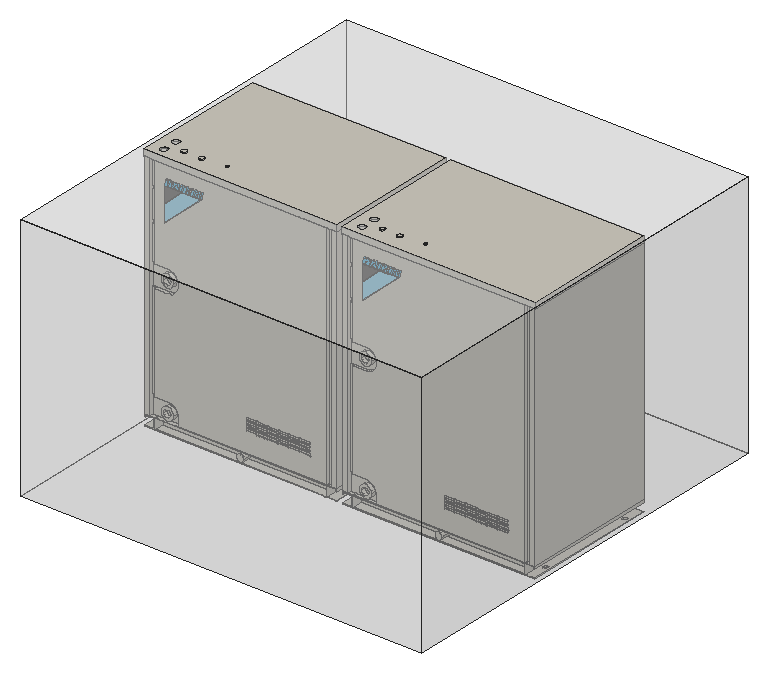
Revit family "outputfile", category 機械設備, Revit 2024 (continued)
Definition of nested family "DAIKIN_outdoorunit_RWEYQ-TYM"
  Definition of nested family "outdoorunit_downpanel"
    Reference planes
      plane 2 "Bottom": z = 0
      plane 3: x = 0
      plane 4 "Back": y = 10
      plane 5 "Front": y = -10
      plane 6: x = 736
      plane 7 "Top": z = 510
      plane 8 "Left": x = 0
      plane 9: z = 255
      plane 10: y = -18
      plane 11: y = 6
      plane 12: y = 8
      plane 13: x = 368
    Forms (mm)
      Extrusion 1, solid, material <- "material"
        sketch origin (0, 0, 0) x (1, 0, 0) y (0, 1, 0)
          loop
            line (0, 10) -> (0, -10) -> (736, -10) -> (736, 10) -> (0, 10)
        from 0 to 510
    Dimensions and locks
      equal spacing: plane 4 "Back", plane 1 "Center (Front/Back)", plane 5 "Front"
      "depth": plane 4 "Back" to plane 5 "Front"
      "width": plane 8 "Left" to plane 6
      "height1": plane 7 "Top" to plane 2 "Bottom"
      plane 4 "Back" to plane 11 = 4.0 mm
      plane 4 "Back" to plane 12 = 2.0 mm
      equal spacing: plane 8 "Left", plane 13, plane 6
      equal spacing: plane 7 "Top", plane 9, plane 2 "Bottom"
      aligned and locked: level to plane 2 "Bottom"
      aligned and locked: plane 8 "Left" to Extrusion 1 sketch curve
      aligned and locked: Extrusion 1 sketch curve to plane 4 "Back"
      aligned and locked: plane 5 "Front" to Extrusion 1 sketch curve
      aligned and locked: Extrusion 1 to plane 2 "Bottom"
      aligned and locked: plane 7 "Top" to Extrusion 1
      aligned and locked: plane 3 to plane 8 "Left"
    Automatic sketch dimensions
      Extrusion 1 sketch curve to plane 6 = 0.0 mm
  Definition of nested family "daikin_mountinghole"
    Parameters (values of type "daikin_mountinghole")
      Default Elevation = 1219.2 mm
      Type Comments = "mountinghole"
      show [instance] = yes
      material = none
      l_centerline = 100.0 mm
      l_antenna [instance] = 100.0 mm
      h_mountinghole [instance] = 0.0 mm
      d_circle = 30.0 mm
      Link_Nested Family [instance] = ""
    Reference planes
      plane 1 "Center (Front/Back)": y = 0
      plane 2: z = 0
      plane 3 "Center (Left/Right)": x = 0
      plane 4: y = 50
      plane 5: x = -50
      plane 6: x = 50
      plane 7: y = -50
      plane 8 "h_mountinghole": z = 0
      plane 9: z = 100
    Lines and regions (mm)
      model lines, detail levels fine
        curve 1: circle (0, 0, 0) r 15 normal (0, 0, 1)
        curve 2: line (-50, 0, 0) -> (50, 0, 0)
        curve 3: line (0, 50, 0) -> (0, -50, 0)
      symbolic lines, detail levels fine
        curve 4: circle (0, 0, 0) r 15 normal (0, 0, 1)
        curve 5: line (-50, 0, 0) -> (50, 0, 0)
        curve 6: line (0, 50, 0) -> (0, -50, 0)
      model lines
        curve 7: line (0, 0, 100) -> (0, 0, 0)
    Dimensions and locks
      equal spacing: plane 4, plane 1 "Center (Front/Back)", plane 7
      "l_centerline": plane 4 to plane 7
      equal spacing: plane 5, plane 3 "Center (Left/Right)", plane 6
      "l_centerline": plane 5 to plane 6
      "l_antenna": plane 9 to plane 8 "h_mountinghole"
      "h_mountinghole": plane 8 "h_mountinghole" to plane 2
      "d_circle": diameter of curve 1
      "d_circle": diameter of curve 4
      aligned and locked: level to plane 2
      aligned and locked: plane 1 "Center (Front/Back)" to curve 1
      aligned and locked: plane 3 "Center (Left/Right)" to curve 1
      aligned and locked: plane 1 "Center (Front/Back)" to curve 2
      aligned and locked: curve 3 to plane 3 "Center (Left/Right)"
      aligned and locked: plane 6 to curve 2
      aligned and locked: plane 5 to curve 2
      aligned and locked: plane 4 to curve 3
      aligned and locked: plane 7 to curve 3
      aligned and locked: plane 1 "Center (Front/Back)" to curve 4
      aligned and locked: plane 3 "Center (Left/Right)" to curve 4
      aligned and locked: plane 6 to curve 5
      aligned and locked: plane 5 to curve 5
      aligned and locked: plane 1 "Center (Front/Back)" to curve 5
      aligned and locked: plane 4 to curve 6
      aligned and locked: plane 7 to curve 6
      aligned and locked: curve 6 to plane 3 "Center (Left/Right)"
      aligned and locked: curve 7 to plane 3 "Center (Left/Right)"
      aligned and locked: plane 9 to curve 7
      aligned and locked: plane 8 "h_mountinghole" to curve 7
Definition of nested family "daikin_clearancespace"
  Parameters (values of type "daikin_clearancespace")
    Description = "daikin_clearancespace"
    width [instance] = 1823.963 mm
    show [instance] = yes
    material = none
    height [instance] = 1359.762 mm
    depth [instance] = 880.0 mm
    Default Elevation = 0.0 mm
    Link_Nested Family [instance] = ""
  Reference planes
    plane 1 "Center (Front/Back)": y = 0
    plane 2 "Center (Elevation)": z = -0.119
    plane 3 "Center (Left/Right)": x = 0
    plane 4: y = 440
    plane 5: y = -440
    plane 6 "Right": x = 911.982
    plane 7 "Left": x = -911.982
    plane 8 "Top": z = 679.762
    plane 9 "Bottom": z = -680
  Forms (mm)
    Extrusion 1, solid, material <- "material", visible <- "show"
      sketch origin (0, 0, 0) x (1, 0, 0) y (0, 1, 0)
        loop
          line (-911.982, 440) -> (-911.982, -440) -> (911.982, -440) -> (911.982, 440) -> (-911.982, 440)
      from -680 to 679.762
  Lines and regions (mm)
    symbolic lines, visible <- "show"
      curve 1: line (911.982, 440, 0) -> (-911.982, 440, 0)
      curve 2: line (-911.982, 440, 0) -> (-911.982, -440, 0)
      curve 3: line (-911.982, -440, 0) -> (911.982, -440, 0)
      curve 4: line (911.982, -440, 0) -> (911.982, 440, 0)
      curve 5: line (911.982, 0, 679.762) -> (-911.982, 0, 679.762)
      curve 6: line (911.982, 0, -680) -> (911.982, 0, 679.762)
      curve 7: line (-911.982, 0, -680) -> (911.982, 0, -680)
      curve 8: line (-911.982, 0, 679.762) -> (-911.982, 0, -680)
      curve 9: line (0, 440, 679.762) -> (0, -440, 679.762)
      curve 10: line (0, -440, 679.762) -> (0, -440, -680)
      curve 11: line (0, 440, -680) -> (0, 440, 679.762)
      curve 12: line (0, -440, -680) -> (0, 440, -680)
  Dimensions and locks
    "width": plane 7 "Left" to plane 6 "Right"
    "depth": plane 4 to plane 5
    "height": plane 8 "Top" to plane 9 "Bottom"
    equal spacing: plane 7 "Left", plane 3 "Center (Left/Right)", plane 6 "Right"
    equal spacing: plane 4, plane 1 "Center (Front/Back)", plane 5
    equal spacing: plane 8 "Top", plane 2 "Center (Elevation)", plane 9 "Bottom"
    aligned and locked: level to plane 2 "Center (Elevation)"
    aligned and locked: Extrusion 1 sketch curve to plane 4
    aligned and locked: plane 7 "Left" to Extrusion 1 sketch curve
    aligned and locked: Extrusion 1 sketch curve to plane 5
    aligned and locked: Extrusion 1 sketch curve to plane 6 "Right"
    aligned and locked: plane 8 "Top" to Extrusion 1
    aligned and locked: curve 1 to Extrusion 1
    aligned and locked: curve 2 to Extrusion 1
    aligned and locked: curve 3 to Extrusion 1
    aligned and locked: curve 4 to Extrusion 1
    aligned and locked: curve 5 to Extrusion 1
    aligned and locked: curve 6 to Extrusion 1
    aligned and locked: curve 7 to Extrusion 1
    aligned and locked: curve 8 to Extrusion 1
    aligned and locked: curve 9 to Extrusion 1
    aligned and locked: curve 10 to Extrusion 1
    aligned and locked: curve 11 to Extrusion 1
    aligned and locked: curve 12 to Extrusion 1
    aligned and locked: Extrusion 1 to plane 9 "Bottom"
Definition of nested family "daikin_logo_elevation_w150"
  Parameters (values of type "daikin_logo_elevation_w150")
    width = 150.0 mm
    show_logo [instance] = yes
    material = none
    height = 180.0 mm
    depth = 5.0 mm
    Default Elevation = 0.0 mm
  Reference planes
    plane 1 "Center (Front/Back)": y = 0
    plane 2: z = 0
    plane 3 "Center (Left/Right)": x = 0
    plane 4 "top": z = 180
    plane 5: z = 155.432
    plane 6 "left": x = -90
    plane 7 "right": x = 60
    plane 8: y = -5
  Forms (mm)
    Extrusion 1, solid, visible <- "show_logo"
      sketch origin (0, 0, 0) x (1, 0, 0) y (0, 0, 1)
        loop
          line (-90, 22.832) -> (54.211, 155.432) -> (-19.804, 155.432) -> (-90, 91.131) -> (-90, 22.832)
      from 0 to 5
    Extrusion 2, solid, visible <- "show_logo"
      sketch origin (0, 0, 0) x (1, 0, 0) y (0, 0, 1)
        loop
          line (-90, 155.432) -> (-90, 91.131) -> (-19.804, 155.432) -> (-90, 155.432)
      from 0 to 5
    Extrusion 3, solid, visible <- "show_logo"
      sketch origin (0, 0, 0) x (1, 0, 0) y (0, 0, 1)
        loop
          line (-73.294, 180) -> (-84.431, 180) -> (-90, 157.726) -> (-73.294, 157.726)
          arc (-73.294, 157.726) -> (-66.673, 159.069) -> (-61.582, 163.51) r 13.209
          arc (-61.582, 163.51) -> (-59.344, 169.288) -> (-60.109, 175.436) r 12.685
          arc (-60.109, 175.436) -> (-61.683, 177.678) -> (-64.031, 179.088) r 6.606
          arc (-64.031, 179.088) -> (-68.629, 179.878) -> (-73.294, 180) r 32.396
        loop
          line (-78.863, 162.18) -> (-74.408, 162.18)
          arc (-74.408, 162.18) -> (-70.986, 164.473) -> (-69.002, 168.082) r 8.708
          arc (-69.002, 168.082) -> (-68.734, 170.84) -> (-69.386, 173.533) r 8.337
          arc (-69.386, 173.533) -> (-70.358, 174.487) -> (-71.624, 174.988) r 3.442
          line (-71.624, 174.988) -> (-76.078, 174.988) -> (-78.863, 162.18)
        loop
          line (-61.043, 157.726) -> (-54.918, 157.726) -> (-52.829, 161.624) -> (-44.059, 161.624) -> (-43.223, 157.726) -> (-33.2, 157.726) -> (-37.655, 180) -> (-48.792, 180) -> (-61.043, 157.726)
        loop
          line (-50.145, 166.635) -> (-45.133, 166.635) -> (-46.565, 173.318) -> (-50.145, 166.635)
        loop
          line (-24.847, 180) -> (-30.416, 157.726) -> (-20.949, 157.726) -> (-15.38, 180) -> (-24.847, 180)
        loop
          line (-15.38, 157.726) -> (-5.914, 157.726) -> (-4.4, 163.779) -> (0.212, 157.726) -> (11.906, 157.726) -> (2.996, 169.42) -> (15.804, 180) -> (5.78, 180) -> (-1.94, 173.623) -> (-0.345, 180) -> (-9.812, 180) -> (-15.38, 157.726)
        loop
          line (20.259, 180) -> (14.133, 157.726) -> (24.157, 157.726) -> (29.725, 180) -> (20.259, 180)
        loop
          line (29.725, 157.726) -> (36.408, 157.726) -> (39.555, 170.315) -> (43.647, 157.726) -> (54.784, 157.726) -> (60.353, 180) -> (53.671, 180) -> (50.281, 166.442) -> (45.874, 180) -> (35.294, 180) -> (29.725, 157.726)
      from 0 to 5
  Dimensions and locks
    "height": plane 4 "top" to plane 2
    locked: plane 4 "top" to plane 5 at 24.568
    "width": plane 6 "left" to plane 7 "right"
    "depth": plane 8 to plane 1 "Center (Front/Back)"
    aligned and locked: level to plane 2
    aligned and locked: plane 4 "top" to Extrusion 3  (x8)
    aligned and locked: plane 5 to Extrusion 1
    aligned and locked: plane 5 to Extrusion 2
    aligned and locked: plane 6 "left" to Extrusion 2
    aligned and locked: plane 6 "left" to Extrusion 1
    aligned and locked: Extrusion 3 to plane 8
    aligned and locked: Extrusion 1 to plane 8
    aligned and locked: Extrusion 2 to plane 8
  Automatic sketch dimensions
    level to Extrusion 1 sketch curve = 22.832 mm
    Extrusion 1 sketch curve to Extrusion 1 sketch curve = 68.298 mm
    Extrusion 1 sketch curve to plane 4 "top" = 24.568 mm
    Extrusion 1 sketch curve to plane 3 "Center (Left/Right)" = 19.804 mm
    Extrusion 2 sketch curve to plane 4 "top" = 24.568 mm
    Extrusion 2 sketch curve to plane 3 "Center (Left/Right)" = 19.804 mm
    Extrusion 2 sketch curve to Extrusion 2 sketch curve = 64.302 mm
    Extrusion 3 sketch curve to plane 4 "top" = 0.0 mm  (x8)
    Extrusion 3 sketch curve to plane 4 "top" = 0.912 mm
    Extrusion 3 sketch curve to Extrusion 3 sketch curve = 2.154 mm
    Extrusion 3 sketch curve to Extrusion 3 sketch curve = 6.245 mm
    Extrusion 3 sketch curve to plane 4 "top" = 4.564 mm
    Extrusion 3 sketch curve to Extrusion 3 sketch curve = 5.748 mm
    Extrusion 3 sketch curve to Extrusion 3 sketch curve = 2.001 mm
    Extrusion 3 sketch curve to Extrusion 3 sketch curve = 4.603 mm
    Extrusion 3 sketch curve to Extrusion 3 sketch curve = 0.59 mm
    Extrusion 3 sketch curve to Extrusion 3 sketch curve = 0.07 mm
    Extrusion 3 sketch curve to Extrusion 3 sketch curve = 1.49 mm
    Extrusion 3 sketch curve to plane 4 "top" = 5.012 mm
    Extrusion 3 sketch curve to Extrusion 3 sketch curve = 3.556 mm
    Extrusion 3 sketch curve to Extrusion 3 sketch curve = 5.569 mm  (x3)
    Extrusion 3 sketch curve to Extrusion 3 sketch curve = 0.309 mm
    Extrusion 3 sketch curve to Extrusion 3 sketch curve = 4.455 mm  (x4)
    Extrusion 3 sketch curve to Extrusion 3 sketch curve = 0.288 mm
    Extrusion 3 sketch curve to Extrusion 3 sketch curve = 0.689 mm
    Extrusion 3 sketch curve to Extrusion 3 sketch curve = 2.238 mm
    Extrusion 3 sketch curve to Extrusion 3 sketch curve = 4.528 mm
    Extrusion 3 sketch curve to Extrusion 3 sketch curve = 0.658 mm
    Extrusion 3 sketch curve to Extrusion 3 sketch curve = 2.931 mm
    Extrusion 3 sketch curve to Extrusion 3 sketch curve = 0.357 mm
    Extrusion 3 sketch curve to Extrusion 3 sketch curve = 0.101 mm
    Extrusion 3 sketch curve to Extrusion 3 sketch curve = 11.317 mm
    Extrusion 3 sketch curve to Extrusion 3 sketch curve = 0.539 mm
    Extrusion 3 sketch curve to Extrusion 3 sketch curve = 11.137 mm  (x2)
    Extrusion 3 sketch curve to Extrusion 3 sketch curve = 5.784 mm
    Extrusion 3 sketch curve to Extrusion 3 sketch curve = 10.024 mm  (x3)
    Extrusion 3 sketch curve to Extrusion 3 sketch curve = 0.835 mm
    Extrusion 3 sketch curve to Extrusion 3 sketch curve = 8.771 mm
    Extrusion 3 sketch curve to Extrusion 3 sketch curve = 2.088 mm
    Extrusion 3 sketch curve to Extrusion 3 sketch curve = 3.898 mm
    Extrusion 3 sketch curve to plane 4 "top" = 6.682 mm
    Extrusion 3 sketch curve to Extrusion 3 sketch curve = 2.227 mm  (x2)
    Extrusion 3 sketch curve to Extrusion 3 sketch curve = 2.685 mm
    Extrusion 3 sketch curve to plane 4 "top" = 13.365 mm
    Extrusion 3 sketch curve to Extrusion 3 sketch curve = 5.012 mm
    Extrusion 3 sketch curve to Extrusion 3 sketch curve = 12.808 mm
    Extrusion 3 sketch curve to Extrusion 3 sketch curve = 2.784 mm
    Extrusion 3 sketch curve to Extrusion 3 sketch curve = 9.467 mm  (x4)
    Extrusion 3 sketch curve to Extrusion 3 sketch curve = 0.0 mm  (x5)
    Extrusion 3 sketch curve to Extrusion 3 sketch curve = 5.568 mm  (x2)
    Extrusion 3 sketch curve to plane 3 "Center (Left/Right)" = 0.345 mm
    Extrusion 3 sketch curve to plane 3 "Center (Left/Right)" = 1.94 mm
    Extrusion 3 sketch curve to plane 4 "top" = 6.377 mm
    plane 3 "Center (Left/Right)" to Extrusion 3 sketch curve = 5.78 mm
    plane 3 "Center (Left/Right)" to Extrusion 3 sketch curve = 2.996 mm
    Extrusion 3 sketch curve to Extrusion 3 sketch curve = 4.203 mm
    plane 3 "Center (Left/Right)" to Extrusion 3 sketch curve = 11.906 mm
    Extrusion 3 sketch curve to Extrusion 3 sketch curve = 11.694 mm
    plane 3 "Center (Left/Right)" to Extrusion 3 sketch curve = 0.212 mm
    Extrusion 3 sketch curve to plane 3 "Center (Left/Right)" = 4.4 mm
    Extrusion 3 sketch curve to Extrusion 3 sketch curve = 6.053 mm
    Extrusion 3 sketch curve to plane 3 "Center (Left/Right)" = 5.914 mm
    Extrusion 3 sketch curve to Extrusion 3 sketch curve = 10.581 mm
    Extrusion 3 sketch curve to plane 4 "top" = 13.558 mm
    Extrusion 3 sketch curve to Extrusion 3 sketch curve = 4.406 mm
    Extrusion 3 sketch curve to Extrusion 3 sketch curve = 7.796 mm
    Extrusion 3 sketch curve to Extrusion 3 sketch curve = 6.682 mm  (x2)
    Extrusion 3 sketch curve to Extrusion 3 sketch curve = 4.503 mm
    Extrusion 3 sketch curve to Extrusion 3 sketch curve = 8.716 mm
    Extrusion 3 sketch curve to Extrusion 3 sketch curve = 6.634 mm
    Extrusion 3 sketch curve to plane 4 "top" = 9.685 mm
    Extrusion 3 sketch curve to Extrusion 3 sketch curve = 4.261 mm
    Extrusion 3 sketch curve to Extrusion 3 sketch curve = 1.67 mm
    Extrusion 3 sketch curve to Extrusion 3 sketch curve = 8.353 mm
    Extrusion 1 sketch curve to plane 3 "Center (Left/Right)" = 90.0 mm
    Extrusion 2 sketch curve to Extrusion 2 sketch curve = 70.196 mm
    plane 3 "Center (Left/Right)" to Extrusion 1 sketch curve = 54.211 mm
Definition of nested family "daikin_mountinghole"
  Parameters (values of type "daikin_mountinghole")
    Default Elevation = 1219.2 mm
    Type Comments = "mountinghole"
    show [instance] = yes
    material = none
    l_centerline = 100.0 mm
    l_antenna [instance] = 100.0 mm
    h_mountinghole [instance] = 0.0 mm
    d_circle = 30.0 mm
    Link_Nested Family [instance] = ""
  Reference planes
    plane 1 "Center (Front/Back)": y = 0
    plane 2: z = 0
    plane 3 "Center (Left/Right)": x = 0
    plane 4: y = 50
    plane 5: x = -50
    plane 6: x = 50
    plane 7: y = -50
    plane 8 "h_mountinghole": z = 0
    plane 9: z = 100
  Lines and regions (mm)
    model lines, detail levels fine
      curve 1: circle (0, 0, 0) r 15 normal (0, 0, 1)
      curve 2: line (-50, 0, 0) -> (50, 0, 0)
      curve 3: line (0, 50, 0) -> (0, -50, 0)
    symbolic lines, detail levels fine
      curve 4: circle (0, 0, 0) r 15 normal (0, 0, 1)
      curve 5: line (-50, 0, 0) -> (50, 0, 0)
      curve 6: line (0, 50, 0) -> (0, -50, 0)
    model lines
      curve 7: line (0, 0, 100) -> (0, 0, 0)
  Dimensions and locks
    equal spacing: plane 4, plane 1 "Center (Front/Back)", plane 7
    "l_centerline": plane 4 to plane 7
    equal spacing: plane 5, plane 3 "Center (Left/Right)", plane 6
    "l_centerline": plane 5 to plane 6
    "l_antenna": plane 9 to plane 8 "h_mountinghole"
    "h_mountinghole": plane 8 "h_mountinghole" to plane 2
    "d_circle": diameter of curve 1
    "d_circle": diameter of curve 4
    aligned and locked: level to plane 2
    aligned and locked: plane 1 "Center (Front/Back)" to curve 1
    aligned and locked: plane 3 "Center (Left/Right)" to curve 1
    aligned and locked: plane 1 "Center (Front/Back)" to curve 2
    aligned and locked: curve 3 to plane 3 "Center (Left/Right)"
    aligned and locked: plane 6 to curve 2
    aligned and locked: plane 5 to curve 2
    aligned and locked: plane 4 to curve 3
    aligned and locked: plane 7 to curve 3
    aligned and locked: plane 1 "Center (Front/Back)" to curve 4
    aligned and locked: plane 3 "Center (Left/Right)" to curve 4
    aligned and locked: plane 6 to curve 5
    aligned and locked: plane 5 to curve 5
    aligned and locked: plane 1 "Center (Front/Back)" to curve 5
    aligned and locked: plane 4 to curve 6
    aligned and locked: plane 7 to curve 6
    aligned and locked: curve 6 to plane 3 "Center (Left/Right)"
    aligned and locked: curve 7 to plane 3 "Center (Left/Right)"
    aligned and locked: plane 9 to curve 7
    aligned and locked: plane 8 "h_mountinghole" to curve 7
Definition of nested family "daikin_connector_rotate3"
  Parameters (values of type "daikin_connector_rotate3")
    show [instance] = yes
    radius [instance] = 10.0 mm
    length [instance] = 600.0 mm
    angle_horizontal [instance] = 60.00°
    angle_vertical [instance] = 90.00°
    Default Elevation = 0.0 mm
  Reference planes
    plane 1 "Center (Front/Back)": y = 0
    plane 2: z = 0
    plane 3 "Center (Left/Right)": x = 0
  Dimensions and locks
    "angle_horizontal": angle plane 3 "Center (Left/Right)" to nested 1
    aligned and locked: level to plane 2
    aligned and locked: plane 1 "Center (Front/Back)" to nested 1  (x2)
    aligned and locked: plane 3 "Center (Left/Right)" to nested 1
  Nested families
    nested 1: "daikin_connector_rotate2" at (0, 0, 0) x (0.5, 0.866, 0) z (0, 0, 1), angle_vertical <- "angle_vertical", length <- "length", radius <- "radius", type "daikin_connector_rotate2"
      with radius 10.0 mm, length 600.0 mm, angle_vertical 90.00°
  Definition of nested family "daikin_connector_rotate2"
    Parameters (values of type "daikin_connector_rotate2")
      show_face = yes
      radius [instance] = 10.0 mm
      length [instance] = 600.0 mm
      d_surface = 10.0 mm
      angle_vertical [instance] = 90.00°
      Default Elevation = 0.0 mm
    Reference planes
      plane 1 "Center (Front/Back)": y = 0
      plane 2: z = 0
      plane 3 "Center (Left/Right)": x = 0
    Forms (mm)
      Extrusion 1, solid, visible <- "show_face"
        sketch origin (0, -600, 0) x (1, 0, 0) y (0, 0, 1)
          loop
            circle (0, 0) r 10
        from 0 to -10
    Lines and regions (mm)
      reference lines
        curve 1: line (0, 0, 0) -> (0, -600, 0)
      symbolic lines
        curve 2: circle (0, 0, 0) r 5 normal (0, 0, 1)
      model lines, visible <- "show_face"
        curve 3: line (0, 0, 0) -> (0, -600, 0)
    Dimensions and locks
      "length": curve 1 to curve 1
      "length": curve 3 to curve 3
      "d_surface": Extrusion 1 to Extrusion 1
      "radius": radius of Extrusion 1 sketch curve
      "angle_vertical": angle curve 1 to plane 1 "Center (Front/Back)"
      "angle_vertical": angle curve 3 to plane 1 "Center (Front/Back)"
      aligned and locked: level to plane 2
      aligned and locked: plane 1 "Center (Front/Back)" to curve 1
      aligned and locked: plane 2 to curve 1
      aligned and locked: plane 1 "Center (Front/Back)" to curve 2
      aligned and locked: plane 3 "Center (Left/Right)" to curve 2
      aligned and locked: plane 1 "Center (Front/Back)" to curve 3
      aligned and locked: plane 2 to curve 3
      aligned and locked: Extrusion 1 to Extrusion 1
    Automatic sketch dimensions
      Extrusion 1 sketch curve to level = 0.0 mm
      Extrusion 1 sketch curve to plane 3 "Center (Left/Right)" = 0.0 mm
      radius of curve 2 = 5.0 mm
